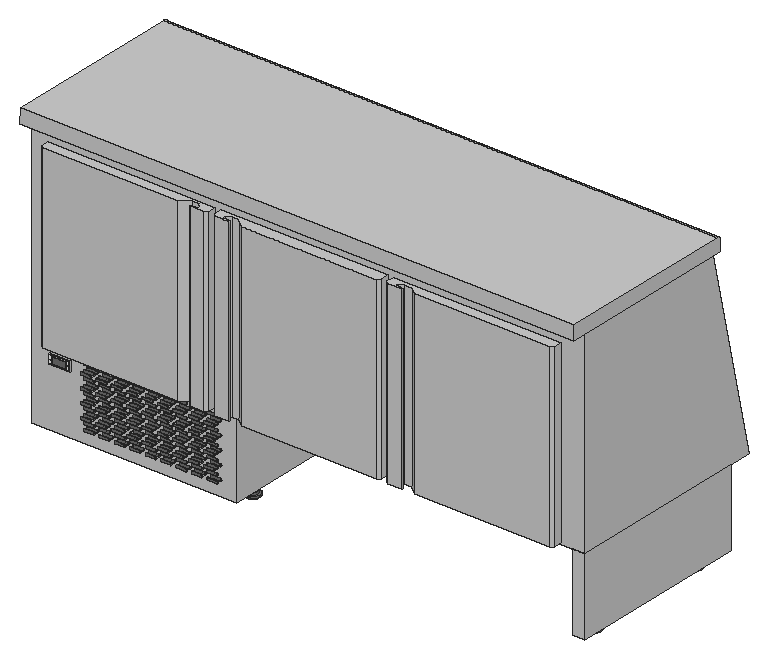
Revit family "QF_INFRICO_VC2010_250815103717", category Specialty Equipment, Revit 2021 (continued)
Definition of nested family "QF_INFRICO_VC2010_2920"
  Forms (mm)
    Extrusion 50, solid
      sketch origin (494.63, 224.503, 312) x (1, 0, 0) y (0, 1, 0)
        loop
          line (267.37, -1020.503) -> (242.37, -1016.503) -> (242.37, -1012.503) -> (256.37, -998.503) -> (284.37, -998.503) -> (314.37, -1024.503) -> (804.37, -1024.503) -> (814.37, -1014.503) -> (814.37, -986.503) -> (207.37, -986.503)
      from 0 to 650
    Extrusion 51, solid
      sketch origin (889.37, 224.503, 312) x (-1, 0, 0) y (0, -1, 0)
        loop
          line (207.37, 986.503) -> (814.37, 986.503) -> (814.37, 1014.503) -> (804.37, 1024.503) -> (314.37, 1024.503) -> (284.37, 998.503) -> (256.37, 998.503) -> (242.37, 1012.503) -> (242.37, 1016.503) -> (267.37, 1020.503)
          arc (267.37, 1020.503) -> (269.37, 1022.503) -> (267.37, 1024.503) r 2
          line (267.37, 1024.503) -> (217.37, 1024.503) -> (207.37, 1014.503) -> (207.37, 986.503)
      from 0 to 650
    Extrusion 52, solid
      sketch origin (0, 0, 0) x (1, 0, 0) y (0, 0, 1)
        loop
          line (90, 947) -> (90, 327) -> (667, 327) -> (667, 947) -> (90, 947)
        loop
          line (120, 917) -> (120, 357) -> (637, 357) -> (637, 917) -> (120, 917)
      from 744 to 762
    Extrusion 53, solid
      sketch origin (627, 0, 0) x (1, 0, 0) y (0, 0, 1)
        loop
          line (90, 947) -> (90, 327) -> (667, 327) -> (667, 947) -> (90, 947)
        loop
          line (120, 917) -> (120, 357) -> (637, 357) -> (637, 917) -> (120, 917)
      from 744 to 762
    Extrusion 54, solid
      sketch origin (0, 0, 0) x (0, 1, 0) y (0, 0, 1)
        loop
          line (-744, 968) -> (-744, 338) -> (-734, 338) -> (-734, 968) -> (-744, 968)
      from 55 to 1956
    Extrusion 55, solid, visible <- "Show Logo"
      sketch origin (1539.72, 107.371, -255.492) x (-1, 0, 0) y (0, 0.220089, -0.97548)
        loop
          line (1208.799, -696.53) -> (1204.173, -696.53) -> (1204.173, -719.204) -> (1208.799, -719.204) -> (1208.799, -696.53)
        loop
          arc (1214.779, -713.006) -> (1215.36, -712.765) -> (1215.601, -712.184) r 0.822
          line (1215.601, -712.184) -> (1215.669, -711.361)
          arc (1215.669, -711.361) -> (1218.282, -712.674) -> (1221.141, -713.281) r 11.435
          arc (1221.141, -713.281) -> (1224.637, -712.075) -> (1226.121, -708.689) r 4.607
          line (1226.121, -708.689) -> (1226.121, -696.53) -> (1221.598, -696.53) -> (1221.598, -707.557)
          arc (1221.598, -707.557) -> (1220.929, -708.961) -> (1219.417, -709.324) r 1.806
          arc (1219.417, -709.324) -> (1217.528, -708.741) -> (1215.772, -707.832) r 11.052
          line (1215.772, -707.832) -> (1215.772, -696.53) -> (1211.283, -696.53) -> (1211.283, -713.006) -> (1214.779, -713.006)
        loop
          line (1238.557, -720.102) -> (1238.557, -717.255)
          arc (1238.557, -717.255) -> (1238.306, -716.65) -> (1237.7, -716.399) r 0.857
          line (1237.7, -716.399) -> (1236.045, -716.271)
          arc (1236.045, -716.271) -> (1234.956, -715.705) -> (1234.547, -714.548) r 1.67
          line (1234.547, -714.548) -> (1234.547, -712.938) -> (1238.249, -712.938) -> (1238.249, -709.374) -> (1234.547, -709.374) -> (1234.547, -696.53) -> (1230.024, -696.53) -> (1230.024, -709.374) -> (1227.351, -709.374) -> (1227.351, -712.703) -> (1230.024, -712.909) -> (1230.024, -715.062)
          arc (1230.024, -715.062) -> (1230.805, -717.616) -> (1232.881, -719.297) r 4.567
          arc (1232.881, -719.297) -> (1235.052, -719.926) -> (1237.306, -720.102) r 11.103
          line (1237.306, -720.102) -> (1238.557, -720.102)
        loop
          line (1239.479, -713.006) -> (1243.726, -713.006) -> (1243.899, -710.984)
          arc (1243.899, -710.984) -> (1246.197, -712.588) -> (1248.912, -713.28) r 7.833
          arc (1248.912, -713.28) -> (1249.531, -713.061) -> (1249.793, -712.458) r 0.824
          line (1249.793, -712.458) -> (1249.793, -710.265)
          arc (1249.793, -710.265) -> (1249.643, -709.758) -> (1249.241, -709.416) r 0.928
          line (1249.241, -709.416) -> (1248.077, -709.268)
          arc (1248.077, -709.268) -> (1245.873, -708.631) -> (1243.968, -707.352) r 7.435
          line (1243.968, -707.352) -> (1243.968, -696.53) -> (1239.479, -696.53) -> (1239.479, -713.006)
        loop
          line (1255.495, -696.53) -> (1251.006, -696.53) -> (1251.006, -713.006) -> (1255.495, -713.006) -> (1255.495, -696.53)
        loop
          line (1257.421, -701.327) -> (1257.421, -708.243)
          arc (1257.421, -708.243) -> (1258.571, -711.349) -> (1261.466, -712.959) r 4.772
          arc (1261.466, -712.959) -> (1264.493, -713.294) -> (1267.521, -712.959) r 13.851
          arc (1267.521, -712.959) -> (1270.524, -710.556) -> (1271.505, -706.838) r 6.132
          line (1271.505, -706.838) -> (1267.187, -706.838) -> (1267.187, -707.9)
          arc (1267.187, -707.9) -> (1266.64, -709.118) -> (1265.442, -709.705) r 1.965
          arc (1265.442, -709.705) -> (1264.547, -709.754) -> (1263.653, -709.705) r 8.196
          arc (1263.653, -709.705) -> (1262.417, -709.155) -> (1261.91, -707.9) r 1.806
          line (1261.91, -707.9) -> (1261.91, -701.67)
          arc (1261.91, -701.67) -> (1262.417, -700.415) -> (1263.653, -699.865) r 1.806
          arc (1263.653, -699.865) -> (1264.547, -699.816) -> (1265.442, -699.865) r 8.196
          arc (1265.442, -699.865) -> (1266.64, -700.452) -> (1267.187, -701.67) r 1.965
          line (1267.187, -701.67) -> (1267.187, -703.041) -> (1271.505, -703.041)
          arc (1271.505, -703.041) -> (1270.575, -699.134) -> (1267.521, -696.525) r 6.481
          arc (1267.521, -696.525) -> (1264.493, -696.266) -> (1261.466, -696.525) r 17.816
          arc (1261.466, -696.525) -> (1258.567, -698.188) -> (1257.421, -701.327) r 4.873
        loop
          line (1272.916, -701.329) -> (1272.916, -708.242)
          arc (1272.916, -708.242) -> (1273.993, -711.226) -> (1276.726, -712.837) r 4.676
          arc (1276.726, -712.837) -> (1278.515, -713.116) -> (1280.318, -713.28) r 28.371
          arc (1280.318, -713.28) -> (1282.122, -713.116) -> (1283.911, -712.837) r 28.371
          arc (1283.911, -712.837) -> (1286.644, -711.226) -> (1287.72, -708.242) r 4.676
          line (1287.72, -708.242) -> (1287.72, -701.329)
          arc (1287.72, -701.329) -> (1286.644, -698.345) -> (1283.911, -696.734) r 4.676
          arc (1283.911, -696.734) -> (1282.122, -696.455) -> (1280.318, -696.291) r 28.371
          arc (1280.318, -696.291) -> (1278.515, -696.455) -> (1276.726, -696.734) r 28.371
          arc (1276.726, -696.734) -> (1273.993, -698.345) -> (1272.916, -701.329) r 4.676
        loop
          arc (1277.405, -707.866) -> (1277.844, -709.015) -> (1278.936, -709.58) r 1.725
          arc (1278.936, -709.58) -> (1279.627, -709.653) -> (1280.318, -709.716) r 46.133
          arc (1280.318, -709.716) -> (1281.01, -709.653) -> (1281.701, -709.58) r 46.133
          arc (1281.701, -709.58) -> (1282.793, -709.015) -> (1283.231, -707.866) r 1.725
          line (1283.231, -707.866) -> (1283.231, -701.705)
          arc (1283.231, -701.705) -> (1282.793, -700.556) -> (1281.701, -699.991) r 1.725
          arc (1281.701, -699.991) -> (1281.01, -699.918) -> (1280.318, -699.856) r 46.133
          arc (1280.318, -699.856) -> (1279.627, -699.918) -> (1278.936, -699.991) r 46.133
          arc (1278.936, -699.991) -> (1277.844, -700.556) -> (1277.405, -701.705) r 1.725
          line (1277.405, -701.705) -> (1277.405, -707.866)
        loop
          line (1190.339, -696.543) -> (1170.042, -696.543)
          arc (1170.042, -696.543) -> (1168.969, -696.987) -> (1168.525, -698.059) r 1.516
          line (1168.525, -698.059) -> (1168.525, -703.891) -> (1164.346, -703.891)
          arc (1164.346, -703.891) -> (1163.591, -704.121) -> (1163.163, -704.782) r 1.147
          line (1163.163, -704.782) -> (1163.163, -706.211)
          arc (1163.163, -706.211) -> (1163.594, -707.258) -> (1164.662, -707.634) r 1.385
          line (1164.662, -707.634) -> (1165.861, -707.634) -> (1163.163, -710.332)
          arc (1163.163, -710.332) -> (1162.776, -711.266) -> (1163.163, -712.2) r 1.321
          line (1163.163, -712.2) -> (1163.886, -712.923)
          arc (1163.886, -712.923) -> (1164.841, -713.338) -> (1165.823, -712.991) r 1.422
          line (1165.823, -712.991) -> (1168.528, -710.286) -> (1168.528, -711.479)
          arc (1168.528, -711.479) -> (1168.938, -712.516) -> (1169.946, -712.992) r 1.516
          line (1169.946, -712.992) -> (1170.867, -712.992)
          arc (1170.867, -712.992) -> (1171.87, -712.514) -> (1172.278, -711.479) r 1.516
          line (1172.278, -711.479) -> (1172.278, -706.83) -> (1178.308, -701.336) -> (1178.308, -707.509) -> (1174.742, -711.075)
          arc (1174.742, -711.075) -> (1174.328, -712.073) -> (1174.742, -713.071) r 1.412
          line (1174.742, -713.071) -> (1175.394, -713.723)
          arc (1175.394, -713.723) -> (1176.442, -714.141) -> (1177.466, -713.667) r 1.428
          line (1177.466, -713.667) -> (1178.308, -712.825) -> (1178.308, -717.784)
          arc (1178.308, -717.784) -> (1178.723, -718.787) -> (1179.726, -719.203) r 1.418
          line (1179.726, -719.203) -> (1180.655, -719.203)
          arc (1180.655, -719.203) -> (1181.658, -718.787) -> (1182.073, -717.784) r 1.418
          line (1182.073, -717.784) -> (1182.073, -712.825) -> (1182.915, -713.667)
          arc (1182.915, -713.667) -> (1183.939, -714.141) -> (1184.987, -713.723) r 1.428
          line (1184.987, -713.723) -> (1185.639, -713.071)
          arc (1185.639, -713.071) -> (1186.053, -712.073) -> (1185.639, -711.075) r 1.412
          line (1185.639, -711.075) -> (1182.073, -707.509) -> (1182.073, -701.336) -> (1188.103, -706.83) -> (1188.103, -711.479)
          arc (1188.103, -711.479) -> (1188.511, -712.514) -> (1189.514, -712.992) r 1.516
          line (1189.514, -712.992) -> (1190.435, -712.992)
          arc (1190.435, -712.992) -> (1191.443, -712.516) -> (1191.853, -711.479) r 1.516
          line (1191.853, -711.479) -> (1191.853, -710.286) -> (1194.558, -712.991)
          arc (1194.558, -712.991) -> (1195.54, -713.338) -> (1196.495, -712.923) r 1.422
          line (1196.495, -712.923) -> (1197.218, -712.2)
          arc (1197.218, -712.2) -> (1197.605, -711.266) -> (1197.218, -710.332) r 1.321
          line (1197.218, -710.332) -> (1194.52, -707.634) -> (1195.719, -707.634)
          arc (1195.719, -707.634) -> (1196.787, -707.258) -> (1197.218, -706.211) r 1.385
          line (1197.218, -706.211) -> (1197.218, -704.782)
          arc (1197.218, -704.782) -> (1196.79, -704.121) -> (1196.035, -703.891) r 1.147
          line (1196.035, -703.891) -> (1191.856, -703.891) -> (1191.856, -698.059)
          arc (1191.856, -698.059) -> (1191.411, -696.987) -> (1190.339, -696.543) r 1.516
      from 0 to 2
    Extrusion 56, solid
      sketch origin (627, -718.368, 505.047) x (1, 0, 0) y (0, 0.975536, 0.219839)
        loop
          circle (1349.5, 611.158) r 9
      from 0 to 220
    Extrusion 57, solid
      sketch origin (627, -705.191, 490.59) x (1, 0, 0) y (0, 0.975536, 0.219839)
        loop
          circle (1350.216, 601.481) r 5
      from 0 to 254
    Extrusion 58, solid
      sketch origin (627, -2.198, 9.755) x (0, 1, 0) y (0, 0, 1)
        loop
          circle (-170.526, 854.021) r 3
      from 1345.216 to 1359
    Extrusion 59, solid
      sketch origin (627, 50.563, -224.373) x (0, 1, 0) y (0, 0, 1)
        loop
          circle (-170.526, 854.021) r 3
      from 1340 to 1355.216
    Extrusion 60, solid
      sketch origin (1384, -718.368, 505.047) x (-1, 0, 0) y (0, -0.975536, -0.219839)
        loop
          circle (1349.5, -611.158) r 9
      from 0 to 220
    Extrusion 61, solid
      sketch origin (1384, -705.191, 490.59) x (-1, 0, 0) y (0, -0.975536, -0.219839)
        loop
          circle (1350.216, -601.481) r 5
      from 0 to 254
    Extrusion 62, solid
      sketch origin (1384, -2.198, 9.755) x (0, 1, 0) y (0, 0, -1)
        loop
          circle (-170.526, -854.021) r 3
      from 1345.216 to 1359
    Extrusion 63, solid
      sketch origin (1384, 50.563, -224.373) x (0, 1, 0) y (0, 0, -1)
        loop
          circle (-170.526, -854.021) r 3
      from 1340 to 1355.216
    Extrusion 64, solid
      sketch origin (1121.63, 224.503, 312) x (1, 0, 0) y (0, 1, 0)
        loop
          line (207.37, -986.503) -> (207.37, -1014.503) -> (217.37, -1024.503) -> (267.37, -1024.503)
          arc (267.37, -1024.503) -> (269.37, -1022.503) -> (267.37, -1020.503) r 2
          line (267.37, -1020.503) -> (242.37, -1016.503) -> (242.37, -1012.503) -> (256.37, -998.503) -> (284.37, -998.503) -> (314.37, -1024.503) -> (804.37, -1024.503) -> (814.37, -1014.503) -> (814.37, -986.503) -> (207.37, -986.503)
      from 0 to 650
    Extrusion 65, solid
      sketch origin (1271, 10, 39) x (0, 1, 0) y (0, 0, -1)
        loop
          line (-744, -664) -> (-744, -702) -> (-334, -702) -> (-338, -698) -> (-744, -664)
      from 0 to 2
    Extrusion 66, solid
      sketch origin (1271, 10, -197) x (0, 1, 0) y (0, 0, -1)
        loop
          line (-744, -664) -> (-744, -702) -> (-334, -702) -> (-338, -698) -> (-744, -664)
      from 0 to 2
    Extrusion 67, solid
      sketch origin (1277, 10, 0) x (0, 1, 0) y (0, 0, -1)
        loop
          line (-744, -505) -> (-744, -507) -> (-333, -507)
          arc (-333, -507) -> (-330.879, -507.879) -> (-330, -510) r 3
          line (-330, -510) -> (-330, -517) -> (-328, -517) -> (-328, -508)
          arc (-328, -508) -> (-328.879, -505.879) -> (-331, -505) r 3
          line (-331, -505) -> (-744, -505)
      from 0 to 14
    Extrusion 68, solid
      sketch origin (1277, 10, 236) x (0, 1, 0) y (0, 0, -1)
        loop
          line (-744, -505) -> (-744, -507) -> (-333, -507)
          arc (-333, -507) -> (-330.879, -507.879) -> (-330, -510) r 3
          line (-330, -510) -> (-330, -517) -> (-328, -517) -> (-328, -508)
          arc (-328, -508) -> (-328.879, -505.879) -> (-331, -505) r 3
          line (-331, -505) -> (-744, -505)
      from 0 to 14
    Extrusion 69, solid
      sketch origin (1366, 10, 39) x (0, 1, 0) y (0, 0, 1)
        loop
          line (-744, 664) -> (-338, 698) -> (-334, 702) -> (-744, 702) -> (-744, 664)
      from 0 to 2
    Extrusion 70, solid
      sketch origin (1366, 10, -197) x (0, 1, 0) y (0, 0, 1)
        loop
          line (-744, 664) -> (-338, 698) -> (-334, 702) -> (-744, 702) -> (-744, 664)
      from 0 to 2
    Extrusion 71, solid
      sketch origin (1360, 10, 0) x (0, 1, 0) y (0, 0, 1)
        loop
          line (-744, 505) -> (-331, 505)
          arc (-331, 505) -> (-328.879, 505.879) -> (-328, 508) r 3
          line (-328, 508) -> (-328, 517) -> (-330, 517) -> (-330, 510)
          arc (-330, 510) -> (-330.879, 507.879) -> (-333, 507) r 3
          line (-333, 507) -> (-744, 507) -> (-744, 505)
      from 0 to 14
    Extrusion 72, solid
      sketch origin (1360, 10, 236) x (0, 1, 0) y (0, 0, 1)
        loop
          line (-744, 505) -> (-331, 505)
          arc (-331, 505) -> (-328.879, 505.879) -> (-328, 508) r 3
          line (-328, 508) -> (-328, 517) -> (-330, 517) -> (-330, 510)
          arc (-330, 510) -> (-330.879, 507.879) -> (-333, 507) r 3
          line (-333, 507) -> (-744, 507) -> (-744, 505)
      from 0 to 14
    Extrusion 73, solid
      sketch origin (1254, -484, 0) x (1, 0, 0) y (0, 0, 1)
        loop
          line (65, 507) -> (691, 507) -> (691, 514) -> (65, 514) -> (65, 507)
      from -161 to 250
    Extrusion 74, solid
      sketch origin (1254, -484, 236) x (1, 0, 0) y (0, 0, 1)
        loop
          line (65, 507) -> (691, 507) -> (691, 514) -> (65, 514) -> (65, 507)
      from -161 to 250
    Extrusion 75, solid
      sketch origin (1898, 10, 39) x (0, 1, 0) y (0, 0, -1)
        loop
          line (-744, -664) -> (-744, -702) -> (-334, -702) -> (-338, -698) -> (-744, -664)
      from 0 to 2
    Extrusion 76, solid
      sketch origin (1898, 10, -197) x (0, 1, 0) y (0, 0, -1)
        loop
          line (-744, -664) -> (-744, -702) -> (-334, -702) -> (-338, -698) -> (-744, -664)
      from 0 to 2
    Extrusion 77, solid
      sketch origin (1904, 10, 0) x (0, 1, 0) y (0, 0, -1)
        loop
          line (-744, -505) -> (-744, -507) -> (-333, -507)
          arc (-333, -507) -> (-330.879, -507.879) -> (-330, -510) r 3
          line (-330, -510) -> (-330, -517) -> (-328, -517) -> (-328, -508)
          arc (-328, -508) -> (-328.879, -505.879) -> (-331, -505) r 3
          line (-331, -505) -> (-744, -505)
      from 0 to 14
    Extrusion 78, solid
      sketch origin (1904, 10, 236) x (0, 1, 0) y (0, 0, -1)
        loop
          line (-744, -505) -> (-744, -507) -> (-333, -507)
          arc (-333, -507) -> (-330.879, -507.879) -> (-330, -510) r 3
          line (-330, -510) -> (-330, -517) -> (-328, -517) -> (-328, -508)
          arc (-328, -508) -> (-328.879, -505.879) -> (-331, -505) r 3
          line (-331, -505) -> (-744, -505)
      from 0 to 14
    Extrusion 79, solid, visible <- "Show Clearance", detail levels coarse
      sketch origin (0, 0, 0) x (0, 1, 0) y (0, 0, 1)
        loop
          line (-174.517, 990) -> (-27.224, 336.391)
          arc (-27.224, 336.391) -> (369.917, 616.539) -> (452.643, 1095.454) r 635
          line (452.643, 1095.454) -> (444.949, 1129.598) -> (-174.517, 990)
      from 44 to 1967
  Cuts and joins
    joined: Extrusion 1, Extrusion 2, Extrusion 4, Extrusion 7, Extrusion 8, Extrusion 9, Extrusion 10, Extrusion 17, Extrusion 54
    joined: Extrusion 5, Extrusion 18
  Lines and regions (mm)
    symbolic lines
      curve 1: line (0, -800, 0) -> (2011, -800, 0)
      curve 2: line (2011, -800, 0) -> (2011, -4, 0)
      curve 3: line (2011, -4, 0) -> (1986, -4, 0)
      curve 4: line (1986, -4, 0) -> (1986, -54, 0)
      curve 5: line (1986, -54, 0) -> (1967, -54, 0)
      curve 6: line (1967, -54, 0) -> (1967, -27.224, 0)
      curve 7: line (1967, -27.224, 0) -> (44, -27.224, 0)
      curve 8: line (44, -27.224, 0) -> (44, -54, 0)
      curve 9: line (44, -54, 0) -> (25, -54, 0)
      curve 10: line (25, -54, 0) -> (25, -4, 0)
      curve 11: line (25, -4, 0) -> (0, -4, 0)
      curve 12: line (0, -4, 0) -> (0, -800, 0)
      curve 13: line (0, -134, 0) -> (2011, -134, 0)
      curve 14: line (25, -54, 0) -> (25, -134, 0)
      curve 15: line (44, -54, 0) -> (44, -134, 0)
      curve 16: line (92, -134, 0) -> (92, -37.777, 0)
      curve 17: line (92, -37.777, 0) -> (1919, -37.777, 0)
      curve 18: line (1919, -37.777, 0) -> (1919, -134, 0)
      curve 19: line (1967, -54, 0) -> (1967, -134, 0)
      curve 20: line (1986, -54, 0) -> (1986, -134, 0)
    symbolic lines, visible <- "Show Clearance"
      curve 21: line (44, -27.224, 0) -> (44, 468.178, 0)
      curve 22: line (44, 468.178, 0) -> (1967, 468.178, 0)
      curve 23: line (1967, 468.178, 0) -> (1967, -27.224, 0)
  Dimensions and locks
    plane 1 "Back" to plane 5 "Front" = 800 mm  (x2)
    plane 3 "Left" to plane 4 "Right" = 2011 mm
    plane 6 "Top" to level = 1060 mm  (x2)
    plane 4 "Right" to plane 3 "Left" = 2011 mm
    aligned and locked: level to plane 2
Definition of nested family "CONN_POINT_DRAIN_2D___Generic_Annotation"
  Parameters (values of type "CONN_POINT_DRAIN_2D___Generic_Annotation")
    Onboard connection annotation symbol visibility [instance] = yes
  Reference planes
    plane 1: y = 0
    plane 2: x = 0
  Lines and regions (mm)
    detail lines, visible <- "Onboard connection annotation symbol visibility"
      curve 1: circle (0, 0, 0) r 0.5 normal (0, 0, 1)
      curve 2: line (-1, 0, 0) -> (1, 0, 0)
      curve 3: line (0, 1, 0) -> (0, -1, 0)
      curve 4: line (1.776, 1, 0) -> (1.25, 1, 0)
      curve 5: line (1.25, 1, 0) -> (1.25, -1, 0)
      curve 6: line (1.25, -1, 0) -> (1.776, -1, 0)
      curve 7: arc (2.206, -0.862, 0) -> (2.459, -0.589, 0) -> (2.583, -0.238, 0) r 0.918
      curve 8: arc (2.583, 0.238, 0) -> (2.459, 0.589, 0) -> (2.206, 0.862, 0) r 0.918
      curve 9: arc (2.583, -0.238, 0) -> (2.599, 0, 0) -> (2.583, 0.238, 0) r 1.77
      curve 10: arc (2.206, 0.862, 0) -> (2.002, 0.965, 0) -> (1.776, 1, 0) r 0.741
      curve 11: arc (1.776, -1, 0) -> (2.002, -0.965, 0) -> (2.206, -0.862, 0) r 0.741
Definition of nested family "CONN_POINT_ELE_2D___Generic_Annotation"
  Parameters (values of type "CONN_POINT_ELE_2D___Generic_Annotation")
    Onboard connection annotation symbol visibility [instance] = yes
  Reference planes
    plane 1: y = 0
    plane 2: x = 0
  Lines and regions (mm)
    detail lines, visible <- "Onboard connection annotation symbol visibility"
      curve 1: circle (0, 0, 0) r 0.5 normal (0, 0, 1)
      curve 2: line (-1, 0, 0) -> (1, 0, 0)
      curve 3: line (0, 1, 0) -> (0, -1, 0)
      curve 4: line (2.5, 1, 0) -> (1.25, 1, 0)
      curve 5: line (1.25, 1, 0) -> (1.25, -1, 0)
      curve 6: line (1.25, -1, 0) -> (2.5, -1, 0)
      curve 7: line (1.25, 0, 0) -> (2, 0, 0)
